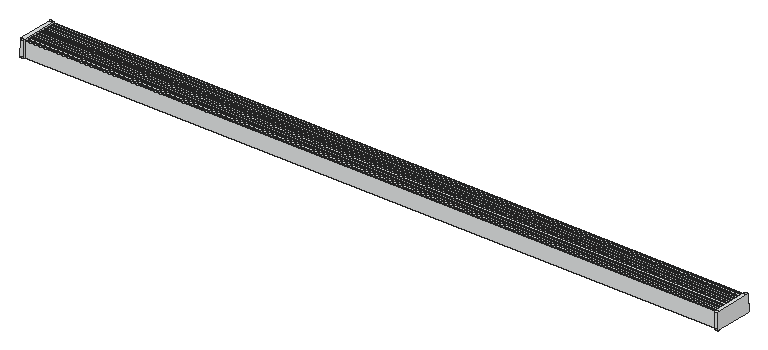
Revit family "Shower-Drain_Cover-KOHLER-Linear-K-80654_1", category Specialty Equipment, host Face, Revit 2017 (continued)
Definition of nested family "K-80654"
  Lines and regions (in)
    symbolic lines, detail levels medium+fine
      curve 2728: arc (2.36491, -1.05088, 0) -> (2.39394, -1.12097, 0) -> (2.46403, -1.15, 0) r 0.09912
      curve 2729: line (2.36491, -0.91, 0) -> (3.01989, -0.91, 0)
      curve 2730: line (3.01989, -1.01, 0) -> (2.36491, -1.01, 0)
      curve 2731: line (2.36491, -0.91, 0) -> (2.36491, -0.77, 0)
      curve 2732: line (2.36491, -0.67, 0) -> (2.36491, -0.53, 0)
      curve 2733: line (3.01989, -0.77, 0) -> (2.36491, -0.77, 0)
      curve 2734: line (3.01989, -0.77, 0) -> (3.01989, -0.91, 0)
      curve 2735: line (3.01989, -0.67, 0) -> (2.36491, -0.67, 0)
      curve 2736: line (3.01989, -0.53, 0) -> (2.36491, -0.53, 0)
      curve 2737: line (2.36491, -0.43, 0) -> (2.36491, -0.29, 0)
      curve 2738: line (3.01989, -0.53, 0) -> (3.01989, -0.67, 0)
      curve 2739: line (3.01989, -0.29, 0) -> (3.01989, -0.43, 0)
      curve 2740: line (2.36491, -0.19, 0) -> (2.36491, -0.05, 0)
      curve 2741: line (3.01989, -0.29, 0) -> (2.36491, -0.29, 0)
      curve 2742: line (3.01989, -0.43, 0) -> (2.36491, -0.43, 0)
      curve 2743: line (3.01989, -0.19, 0) -> (2.36491, -0.19, 0)
      curve 2744: line (3.01989, -0.05, 0) -> (2.36491, -0.05, 0)
      curve 2745: line (3.01989, -1.01, 0) -> (3.01989, -1.05173, 0)
      curve 2746: arc (3.01989, -1.05173, 0) -> (2.99111, -1.12122, 0) -> (2.92162, -1.15, 0) r 0.09827
      curve 2747: line (3.01989, 1.01, 0) -> (3.01989, 1.05324, 0)
      curve 2748: arc (3.01989, 1.05324, 0) -> (2.99155, 1.12166, 0) -> (2.92313, 1.15, 0) r 0.09676
      curve 2749: line (2.25124, 0.05, 0) -> (2.25124, 0.19, 0)
      curve 2750: line (1.69537, 1.15, 0) -> (2.15448, 1.15, 0)
      curve 2751: line (1.59625, 1.05088, 0) -> (1.59625, 1.01, 0)
      curve 2752: arc (1.59625, 1.05088, 0) -> (1.62528, 1.12097, 0) -> (1.69537, 1.15, 0) r 0.09912
      curve 2753: line (1.59625, 0.91, 0) -> (2.25124, 0.91, 0)
      curve 2754: line (2.25124, 1.01, 0) -> (1.59625, 1.01, 0)
      curve 2755: line (1.59625, 0.91, 0) -> (1.59625, 0.77, 0)
      curve 2756: line (1.59625, 0.67, 0) -> (1.59625, 0.53, 0)
      curve 2757: line (2.25124, 0.77, 0) -> (1.59625, 0.77, 0)
      curve 2758: line (2.25124, 0.77, 0) -> (2.25124, 0.91, 0)
      curve 2759: line (2.25124, 0.67, 0) -> (1.59625, 0.67, 0)
      curve 2760: line (2.25124, 0.53, 0) -> (1.59625, 0.53, 0)
      curve 2761: line (1.59625, 0.43, 0) -> (1.59625, 0.29, 0)
      curve 2762: line (2.25124, 0.53, 0) -> (2.25124, 0.67, 0)
      curve 2763: line (2.25124, 0.29, 0) -> (2.25124, 0.43, 0)
      curve 2764: line (1.59625, 0.19, 0) -> (1.59625, 0.05, 0)
      curve 2765: line (2.25124, 0.29, 0) -> (1.59625, 0.29, 0)
      curve 2766: line (2.25124, 0.43, 0) -> (1.59625, 0.43, 0)
      curve 2767: line (2.25124, 0.19, 0) -> (1.59625, 0.19, 0)
      curve 2768: line (2.25124, 0.05, 0) -> (1.59625, 0.05, 0)
      curve 2769: line (2.25124, -0.05, 0) -> (2.25124, -0.19, 0)
      curve 2770: line (1.69537, -1.15, 0) -> (2.15297, -1.15, 0)
      curve 2771: line (1.59625, -1.05088, 0) -> (1.59625, -1.01, 0)
      curve 2772: arc (1.59625, -1.05088, 0) -> (1.62528, -1.12097, 0) -> (1.69537, -1.15, 0) r 0.09912
      curve 2773: line (1.59625, -0.91, 0) -> (2.25124, -0.91, 0)
      curve 2774: line (2.25124, -1.01, 0) -> (1.59625, -1.01, 0)
      curve 2775: line (1.59625, -0.91, 0) -> (1.59625, -0.77, 0)
      curve 2776: line (1.59625, -0.67, 0) -> (1.59625, -0.53, 0)
      curve 2777: line (2.25124, -0.77, 0) -> (1.59625, -0.77, 0)
      curve 2778: line (2.25124, -0.77, 0) -> (2.25124, -0.91, 0)
      curve 2779: line (2.25124, -0.67, 0) -> (1.59625, -0.67, 0)
      curve 2780: line (2.25124, -0.53, 0) -> (1.59625, -0.53, 0)
      curve 2781: line (1.59625, -0.43, 0) -> (1.59625, -0.29, 0)
      curve 2782: line (2.25124, -0.53, 0) -> (2.25124, -0.67, 0)
      curve 2783: line (2.25124, -0.29, 0) -> (2.25124, -0.43, 0)
      curve 2784: line (1.59625, -0.19, 0) -> (1.59625, -0.05, 0)
      curve 2785: line (2.25124, -0.29, 0) -> (1.59625, -0.29, 0)
      curve 2786: line (2.25124, -0.43, 0) -> (1.59625, -0.43, 0)
      curve 2787: line (2.25124, -0.19, 0) -> (1.59625, -0.19, 0)
      curve 2788: line (2.25124, -0.05, 0) -> (1.59625, -0.05, 0)
      curve 2789: line (2.25124, -1.01, 0) -> (2.25124, -1.05173, 0)
      curve 2790: arc (2.25124, -1.05173, 0) -> (2.22246, -1.12122, 0) -> (2.15297, -1.15, 0) r 0.09827
      curve 2791: line (2.25124, 1.01, 0) -> (2.25124, 1.05324, 0)
      curve 2792: arc (2.25124, 1.05324, 0) -> (2.2229, 1.12166, 0) -> (2.15448, 1.15, 0) r 0.09676
      curve 2793: line (1.48239, 0.05, 0) -> (1.48239, 0.19, 0)
      curve 2794: line (0.92652, 1.15, 0) -> (1.38563, 1.15, 0)
      curve 2795: line (0.8274, 1.05088, 0) -> (0.8274, 1.01, 0)
      curve 2796: arc (0.8274, 1.05088, 0) -> (0.85644, 1.12097, 0) -> (0.92652, 1.15, 0) r 0.09912
      curve 2797: line (0.8274, 0.91, 0) -> (1.48239, 0.91, 0)
      curve 2798: line (1.48239, 1.01, 0) -> (0.8274, 1.01, 0)
      curve 2799: line (0.8274, 0.91, 0) -> (0.8274, 0.77, 0)
      curve 2800: line (0.8274, 0.67, 0) -> (0.8274, 0.53, 0)
      curve 2801: line (1.48239, 0.77, 0) -> (0.8274, 0.77, 0)
      curve 2802: line (1.48239, 0.77, 0) -> (1.48239, 0.91, 0)
      curve 2803: line (1.48239, 0.67, 0) -> (0.8274, 0.67, 0)
      curve 2804: line (1.48239, 0.53, 0) -> (0.8274, 0.53, 0)
      curve 2805: line (0.8274, 0.43, 0) -> (0.8274, 0.29, 0)
      curve 2806: line (1.48239, 0.53, 0) -> (1.48239, 0.67, 0)
      curve 2807: line (1.48239, 0.29, 0) -> (1.48239, 0.43, 0)
      curve 2808: line (0.8274, 0.19, 0) -> (0.8274, 0.05, 0)
      curve 2809: line (1.48239, 0.29, 0) -> (0.8274, 0.29, 0)
      curve 2810: line (1.48239, 0.43, 0) -> (0.8274, 0.43, 0)
      curve 2811: line (1.48239, 0.19, 0) -> (0.8274, 0.19, 0)
      curve 2812: line (1.48239, 0.05, 0) -> (0.8274, 0.05, 0)
      curve 2813: line (1.48239, -0.05, 0) -> (1.48239, -0.19, 0)
      curve 2814: line (0.92652, -1.15, 0) -> (1.38412, -1.15, 0)
      curve 2815: line (0.8274, -1.05088, 0) -> (0.8274, -1.01, 0)
      curve 2816: arc (0.8274, -1.05088, 0) -> (0.85644, -1.12097, 0) -> (0.92652, -1.15, 0) r 0.09912
      curve 2817: line (0.8274, -0.91, 0) -> (1.48239, -0.91, 0)
      curve 2818: line (1.48239, -1.01, 0) -> (0.8274, -1.01, 0)
      curve 2819: line (0.8274, -0.91, 0) -> (0.8274, -0.77, 0)
      curve 2820: line (0.8274, -0.67, 0) -> (0.8274, -0.53, 0)
      curve 2821: line (1.48239, -0.77, 0) -> (0.8274, -0.77, 0)
      curve 2822: line (1.48239, -0.77, 0) -> (1.48239, -0.91, 0)
      curve 2823: line (1.48239, -0.67, 0) -> (0.8274, -0.67, 0)
      curve 2824: line (1.48239, -0.53, 0) -> (0.8274, -0.53, 0)
      curve 2825: line (0.8274, -0.43, 0) -> (0.8274, -0.29, 0)
      curve 2826: line (1.48239, -0.53, 0) -> (1.48239, -0.67, 0)
      curve 2827: line (1.48239, -0.29, 0) -> (1.48239, -0.43, 0)
      curve 2828: line (0.8274, -0.19, 0) -> (0.8274, -0.05, 0)
      curve 2829: line (1.48239, -0.29, 0) -> (0.8274, -0.29, 0)
      curve 2830: line (1.48239, -0.43, 0) -> (0.8274, -0.43, 0)
      curve 2831: line (1.48239, -0.19, 0) -> (0.8274, -0.19, 0)
      curve 2832: line (1.48239, -0.05, 0) -> (0.8274, -0.05, 0)
      curve 2833: line (1.48239, -1.01, 0) -> (1.48239, -1.05173, 0)
      curve 2834: arc (1.48239, -1.05173, 0) -> (1.45361, -1.12122, 0) -> (1.38412, -1.15, 0) r 0.09827
      curve 2835: line (1.48239, 1.01, 0) -> (1.48239, 1.05324, 0)
      curve 2836: arc (1.48239, 1.05324, 0) -> (1.45405, 1.12166, 0) -> (1.38563, 1.15, 0) r 0.09676
      curve 2837: line (0.05461, 0.05, 0) -> (0.05461, 0.19, 0)
      curve 2838: arc (0.05461, 0.83109, 0) -> (0.06635, 0.87565, 0) -> (0.09706, 0.91, 0) r 0.09854
      curve 2839: arc (0.16197, 1.01, 0) -> (0.1649, 1.02893, 0) -> (0.16565, 1.04807, 0) r 0.16707
      curve 2840: line (0.61829, 1.15, 0) -> (0.26572, 1.15, 0)
      curve 2841: arc (0.71741, 1.05088, 0) -> (0.68838, 1.12097, 0) -> (0.61829, 1.15, 0) r 0.09912
      curve 2842: arc (0.26572, 1.15, 0) -> (0.1943, 1.12003, 0) -> (0.16565, 1.04807, 0) r 0.10009
      curve 2843: line (0.7188, 0.05, 0) -> (0.7188, 0.19, 0)
      curve 2844: line (0.7188, 1.01, 0) -> (0.16197, 1.01, 0)
      curve 2845: line (0.7188, 1.01, 0) -> (0.7188, 1.05088, 0)
      curve 2846: line (0.7188, 0.77, 0) -> (0.05461, 0.77, 0)
      curve 2847: line (0.09706, 0.91, 0) -> (0.7188, 0.91, 0)
      curve 2848: line (0.05461, 0.77, 0) -> (0.05461, 0.83109, 0)
      curve 2849: line (0.7188, 0.77, 0) -> (0.7188, 0.91, 0)
      curve 2850: line (0.7188, 0.67, 0) -> (0.05461, 0.67, 0)
      curve 2851: line (0.7188, 0.53, 0) -> (0.05461, 0.53, 0)
      curve 2852: line (0.7188, 0.53, 0) -> (0.7188, 0.67, 0)
      curve 2853: line (0.05461, 0.53, 0) -> (0.05461, 0.67, 0)
      curve 2854: line (0.7188, 0.43, 0) -> (0.05461, 0.43, 0)
      curve 2855: line (0.7188, 0.29, 0) -> (0.05461, 0.29, 0)
      curve 2856: line (0.7188, 0.29, 0) -> (0.7188, 0.43, 0)
      curve 2857: line (0.05461, 0.29, 0) -> (0.05461, 0.43, 0)
      curve 2858: line (0.7188, 0.19, 0) -> (0.05461, 0.19, 0)
      curve 2859: line (0.7188, 0.05, 0) -> (0.05461, 0.05, 0)
      curve 2860: line (0.05461, -0.05, 0) -> (0.05461, -0.19, 0)
      curve 2861: arc (0.05461, -0.83109, 0) -> (0.06635, -0.87565, 0) -> (0.09706, -0.91, 0) r 0.09854
      curve 2862: arc (0.16197, -1.01, 0) -> (0.1649, -1.02893, 0) -> (0.16565, -1.04807, 0) r 0.16707
      curve 2863: line (0.61829, -1.15, 0) -> (0.26572, -1.15, 0)
      curve 2864: arc (0.71741, -1.05088, 0) -> (0.68838, -1.12097, 0) -> (0.61829, -1.15, 0) r 0.09912
      curve 2865: arc (0.26572, -1.15, 0) -> (0.1943, -1.12003, 0) -> (0.16565, -1.04807, 0) r 0.10009
      curve 2866: line (0.7188, -0.05, 0) -> (0.7188, -0.19, 0)
      curve 2867: line (0.7188, -1.01, 0) -> (0.16197, -1.01, 0)
      curve 2868: line (0.7188, -1.01, 0) -> (0.7188, -1.05088, 0)
      curve 2869: line (0.7188, -0.77, 0) -> (0.05461, -0.77, 0)
      curve 2870: line (0.09706, -0.91, 0) -> (0.7188, -0.91, 0)
      curve 2871: line (0.05461, -0.77, 0) -> (0.05461, -0.83109, 0)
      curve 2872: line (0.7188, -0.77, 0) -> (0.7188, -0.91, 0)
      curve 2873: line (0.7188, -0.67, 0) -> (0.05461, -0.67, 0)
      curve 2874: line (0.7188, -0.53, 0) -> (0.05461, -0.53, 0)
      curve 2875: line (0.7188, -0.53, 0) -> (0.7188, -0.67, 0)
      curve 2876: line (0.05461, -0.53, 0) -> (0.05461, -0.67, 0)
      curve 2877: line (0.7188, -0.43, 0) -> (0.05461, -0.43, 0)
      curve 2878: line (0.7188, -0.29, 0) -> (0.05461, -0.29, 0)
      curve 2879: line (0.7188, -0.29, 0) -> (0.7188, -0.43, 0)
      curve 2880: line (0.05461, -0.29, 0) -> (0.05461, -0.43, 0)
      curve 2881: line (0.7188, -0.19, 0) -> (0.05461, -0.19, 0)
      curve 2882: line (0.7188, -0.05, 0) -> (0.05461, -0.05, 0)
  Dimensions and locks (in)
    plane 4 to plane 1 "Center (Front/Back)" = 1 9/32"
    plane 6 to plane 1 "Center (Front/Back)" = 1 1/4"
    level to plane 8 = 1 1/8"
    plane 9 to plane 3 "Center (Left/Right)" = 24"
    aligned and locked: plane 2 to level
Types (5): name | Type | Model | Finish
  (no name) | 4 | "K-80654-SH" | Kohler-Metal-SH-Bright_Silver
  2MB-Vibrant Brushed Moderne Brass | 1 | "K-80654-2MB" | Kohler-Metal-2MB-Vibrant_Brushed_Moderne_Brass
  BL-Matte Black | 2 | "K-80654-BL" | Kohler-Metal-BL-Matte_Black
  BNK-Anodized Brushed Nickel | 3 | "K-80654-BNK" | Kohler-Metal-BNK-Anodized_Brushed_Nickel
  SH-Bright Silver | 4 | "K-80654-SH" | Kohler-Metal-SH-Bright_Silver
